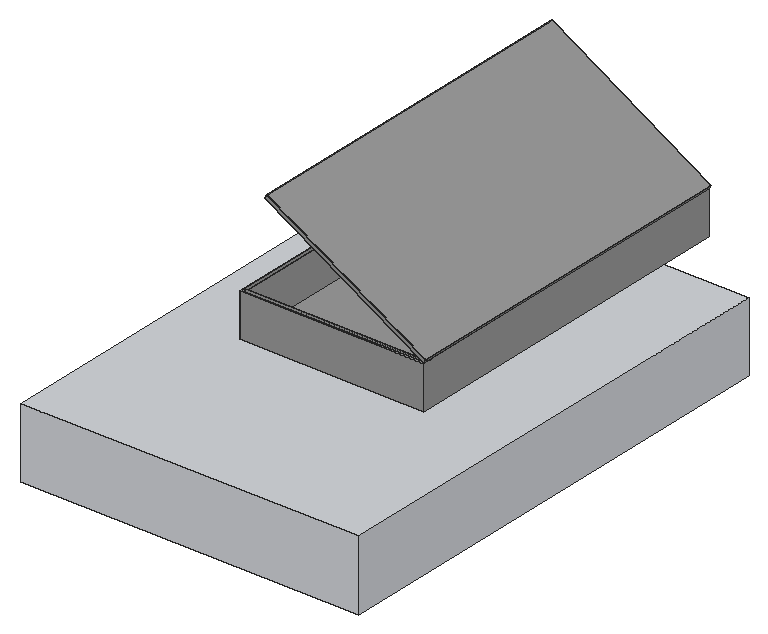
Revit family "Hager-Univers-IP44-D205-H1550-Cl.II-Encl-AT-de", category Equipement électrique, Revit 2020
Family settings
  Hôte = Face
  Configuration du panneau = Deux colonnes, circuits au sein
  Cote de connecteur circulaire = Utiliser le diamètre
  Type d'élément = Tableau de raccordement
  Couper avec des vides une fois chargée = Non
  Partagée = Non
  Point de calcul de pièce = Non
Parameters (values of type "Aufputz IP44 B800 H1550 T205  - FP03SN2")
  Width Control [instance] = if([EF000008 - Breite] > Min Width, [EF000008 - Breite], Min Width)  # 800 mm
  Commentaires du type = [HG000003 - Bereich]  # "Univers"
  Thickness Door [instance] = if([EF009171 - Materialstärke Tür/Deckel] > 3 mm, 3 mm, [EF009171 - Materialstärke Tür/Deckel])  # 1 mm
  Seal Frame Offset [instance] = 17 mm  # constant formula
  Plinth Visibility [instance] = [HG000027 - Sockelhöhe] > 0 mm  # no
  Model = ""
  Min Width [instance] = 100 mm  # constant formula
  Min Height [instance] = 100 mm  # constant formula
  Min Depth [instance] = (2 * [EF009170 - Materialstärke Gehäuse]) + 1 mm  # 3 mm
  Internal Frame Depth [instance] = (Door System Depth * 0.5)  # 9 mm
  Height Control [instance] = if([EF000040 - Höhe] > Min Height, [EF000040 - Höhe], Min Height)  # 1550 mm
  HG000027 - Sockelhöhe = 0 mm
  HG000026 - Stehend auf dem Boden = no
  HG000024 - Höhe des unteren Teils = 800 mm
  HG000023 - Gehäuse mit doppeltem Querschnitt = no
  HG000016 - 3D-Türsichtbarkeit [instance] = yes
  HG000015 - Sichtbarkeit der Türöffnung [instance] = no
  HG000014 - Tür rechts [instance] = yes
  HG000013 - Tür links [instance] = not([HG000014 - Tür rechts])  # no
  HG000012 - Türschwenkwinkel [instance] = 30.00°
  HG000010 - Asymmetrische Türen = no
  HG000009 - Doppelflügeligen Tür = no
  HG000006 - Unterputz = no
  HG000004 - Herstellerreferenz = "FP03SN2"
  HG000003 - Bereich = "Univers"
  HG000002 - Mit tür = yes
  Frame Offset Bottom [instance] = 10 mm  # constant formula
  Frame Offset [instance] = 15 mm  # constant formula
  EF015940 - Deckel mit Überdruckentlastung = no
  EF011959 - Schutzart (NEMA) = ""
  EF009554 - Anzahl der Öffnungen für Flanschplatten = 6
  Fabricant = "Hager"  # constant formula
  EF009212 - Ausführung Deckel = "EV000116 - geschlossen"
  EF009171 - Materialstärke Tür/Deckel = 1 mm
  EF009170 - Materialstärke Gehäuse = 1 mm
  EF008873 - Nennstrom (In) = 250 A
  EF007800 - Geeignet für Blitzschutz = no
  EF006306 - Mit Schloss = no
  EF006244 - Transparenter Deckel/Tür = no
  EF005474 - Schutzart (IP) = "EV006418 - IP44"
  EF004464 - Art der Tür = "EV002646 - Einzel"
  EF004427 - Anzahl der Module = 360
  EF004293 - Schlagfestigkeit = "EV006815 - IK09"
  EF003532 - Geeignet für Außengebrauch = no
  EF002950 - Breite in Teilungseinheiten = 36
  EF001613 - Funktionserhalt = "EV000494 - ohne"
  EF001596 - Werkstoff des Gehäuses = "EV000179 - Stahl"
  EF001131 - Innentiefe = 143 mm
  EF001088 - Anbaumöglichkeit = yes
  EF000437 - Anzahl der Leitungseinführungen = 6
  EF000339 - Art der Abdeckung = "EV001012 - Deckel"
  EF000266 - Anzahl der Reihen = 10
  EF000218 - Einbautiefe = 205 mm
  EF000118 - Mit Montageplatte = no
  EF000116 - RAL-Nummer = "9010"
  EF000049 - Tiefe = 205 mm
  EF000040 - Höhe = 1550 mm
  EF000008 - Breite = 800 mm
  EF000007 - Farbe = "EV000202 - weiß"
  EF000003 - Montageart = "EV000384 - Aufputz"
  Door System Leaf Tolerance [instance] = 1.5 mm  # constant formula
  Door System Depth [instance] = 18 mm  # constant formula
  Door Height [instance] = Height Control - [HG000027 - Sockelhöhe]  # 1550 mm
  Depth Control [instance] = if([EF000049 - Tiefe] > Min Depth, [EF000049 - Tiefe], Min Depth)  # 205 mm
  Default Elevation = 0 mm
  Connector Offset [instance] = Height Control / 2  # 775 mm
  Bottom Top Plate Trim [instance] = 1.5 mm  # constant formula
  Plinth height Ctrl [instance] = if([HG000027 - Sockelhöhe] > 0 mm, [HG000027 - Sockelhöhe], 12 mm)  # 12 mm
Types (5, lengths in mm): name | Width Control | HG000009 - Doppelflügeligen Tür | HG000004 - Herstellerreferenz | EF009554 - Anzahl der Öffnungen für Flanschplatten | EF008873 - Nennstrom (In) | EF004464 - Art der Tür | EF004427 - Anzahl der Module | EF002950 - Breite in Teilungseinheiten | EF001131 - Innentiefe | EF000437 - Anzahl der Leitungseinführungen | EF000008 - Breite
  Aufputz IP44 B1050 H1550 T205  - FP04SN2 | 1050 | yes | "FP04SN2" | 8 | 400 A | "EV003602 - Doppel" | 480 | 48 | 143 | 8 | 1050
  Aufputz IP44 B1300 H1550 T205  - FP05SN2 | 1300 | yes | "FP05SN2" | 10 | 400 A | "EV003602 - Doppel" | 600 | 60 | 143 | 10 | 1300
  Aufputz IP44 B300 H1550 T205  - FP01SN2 | 300 | no | "FP01SN2" | 2 | 250 A | "EV002646 - Einzel" | 120 | 12 | 130 | 2 | 300
  Aufputz IP44 B550 H1550 T205  - FP02SN2 | 550 | no | "FP02SN2" | 4 | 250 A | "EV002646 - Einzel" | 240 | 24 | 143 | 4 | 550
  Aufputz IP44 B800 H1550 T205  - FP03SN2 | 800 | no | "FP03SN2" | 6 | 250 A | "EV002646 - Einzel" | 360 | 36 | 143 | 6 | 800
Reference planes
  plane 1 "Center (Front/Back)": y = 0
  plane 2: z = 0
  plane 3 "Center (Left/Right)": x = 0
  plane 4: z = 205
  plane 5: y = 1
  plane 6: y = 775
  plane 7: y = 0
  plane 8: y = 1550
  plane 9: z = 0
  plane 10: x = -385
  plane 11: x = 385
  plane 12: x = 384
  plane 13: x = -384
  plane 14: y = 1549
  plane 15: x = -383
  plane 16: x = -400
  plane 17: x = 383
  plane 18: x = 400
  plane 19: x = 399
  plane 20: x = -399
  plane 21: y = 11
  plane 22: y = 1550
  plane 23: y = 1534
  plane 24: z = 187
  plane 25: z = 1
  plane 26: z = 186
  plane 27: z = 204
Forms (mm)
  Extrusion 1, solid
    sketch origin (0, 0, 0) x (1, 0, 0) y (0, 1, 0)
      loop
        line (-702.964, 1305) -> (-702.964, -811.445) -> (766.763, -811.445) -> (766.763, 1305) -> (-702.964, 1305)
    from 0 to -304.8
  Extrusion 2, solid, material "Hager_Steel_RAL7035_Light_Grey", visible <- "Plinth Visibility", detail levels medium+fine
    sketch origin (0, 0, 0) x (1, 0, 0) y (0, 1, 0)
      loop
        line (-400, 0) -> (400, 0) -> (400, 12) -> (-400, 12) -> (-400, 0)
    from 0 to 187
  Extrusion 3, solid, material "Hager_Steel_RAL7035_Light_Grey", detail levels medium+fine
    sketch origin (0, 0, 0) x (1, 0, 0) y (0, 1, 0)
      loop
        line (-400, 0) -> (400, 0) -> (400, 1550) -> (-400, 1550) -> (-400, 0)
    from 0 to 187
  Extrusion 4, void
    sketch origin (0, 0, 0) x (1, 0, 0) y (0, 1, 0)
      loop
        line (-399, 1) -> (399, 1) -> (399, 1549) -> (-399, 1549) -> (-399, 1)
    from 1 to 186
  Extrusion 5, void
    sketch origin (-381.607, -4572, 187) x (0, -1, 0) y (-1, 0, 0)
      loop
        line (-4583, 2.393) -> (-6106, 2.393) -> (-6106, -765.607) -> (-4583, -765.607) -> (-4583, 2.393)
    from 0 to 1 <- "EF009170 - Materialstärke Gehäuse"
  Extrusion 6, solid, material "Hager_Steel_RAL7035_Light_Grey", detail levels fine
    sketch origin (0, 0, 187) x (1, 0, 0) y (0, 1, 0)
      loop
        line (-384, 1534) -> (-384, 11) -> (384, 11) -> (384, 1534) -> (-384, 1534)
      loop
        line (-385, 10) -> (385, 10) -> (385, 1535) -> (-385, 1535) -> (-385, 10)
    from 0 to 9 <- "Internal Frame Depth"
  Extrusion 7, solid, material "Hager_Steel_RAL7035_Light_Grey", detail levels coarse
    sketch origin (0, 0, 0) x (1, 0, 0) y (0, 1, 0)
      loop
        line (-400, 0) -> (400, 0) -> (400, 1550) -> (-400, 1550) -> (-400, 0)
    from 0 to 205
  Sweep 8, void
    path in 3D
      loop
        line (-400, 12, 0) -> (400, 12, 0) -> (400, 12, 187) -> (-400, 12, 187) -> (-400, 12, 0)
    profile origin (-400, 12, 93.5) x (-1, 0, 0) y (0, -1, 0)
      loop
        line (0, 0) -> (0, 1.5) -> (-1.5, 1.5)
        arc (-1.5, 1.5) -> (-1.061, 0.439) -> (0, 0) r 1.5
Cuts and joins
  Extrusion 4, Extrusion 5 cuts Extrusion 3
  Sweep 8 cuts Extrusion 2
Lines and regions (mm)
  Masking region 1
    outline origin (0, 0, 0) x (1, 0, 0) y (0, 0, 1)
      loop
        line (-400, 205) -> (-400, 0) -> (400, 0) -> (400, 205) -> (-400, 205)
  Masking region 2, detail levels medium+fine
    outline origin (0, 140, 0) x (0, 1, 0) y (0, 0, 1)
      loop
        line (-140, 0) -> (1410, 0) -> (1410, 187) -> (-140, 187) -> (-140, 0)
  Masking region 3, not visible, detail levels medium+fine
    outline origin (0, 297.922, 0) x (0, 1, 0) y (0, 0, 1)
      loop
        line (488.578, 0) -> (528.578, 0) -> (528.578, 194)
        arc (528.578, 194) -> (525.649, 201.071) -> (518.578, 204) r 10
        line (518.578, 204) -> (488.578, 204) -> (488.578, 0)
  Masking region 4, detail levels coarse
    outline origin (0, 0, 180) x (0, 1, 0) y (0, 0, 1)
      loop
        line (0, -180) -> (1550, -180) -> (1550, 25) -> (0, 25) -> (0, -180)
  Masking region 5, visible <- "Plinth Visibility", detail levels medium+fine
    outline origin (0, 52.24, 12.345) x (0, 0, -1) y (0, 1, 0)
      loop
        line (10.845, -40.24) -> (-173.155, -40.24)
        arc (-173.155, -40.24) -> (-173.594, -41.301) -> (-174.655, -41.74) r 1.5
        line (-174.655, -41.74) -> (-174.655, -52.24) -> (12.345, -52.24) -> (12.345, -41.74)
        arc (12.345, -41.74) -> (11.285, -41.301) -> (10.845, -40.24) r 1.5
  Masking region 6, detail levels medium+fine
    outline origin (-381.607, -4572, 187) x (-1, 0, 0) y (0, -1, 0)
      loop
        line (18.393, -6122) -> (18.393, -4572) -> (-781.607, -4572) -> (-781.607, -6122) -> (18.393, -6122)
  Masking region 7, visible <- "Plinth Visibility", detail levels medium+fine
    outline origin (-381.607, -4727, 187) x (-1, 0, 0) y (0, -1, 0)
      loop
        arc (16.893, -4739) -> (17.332, -4737.939) -> (18.393, -4737.5) r 1.5
        line (18.393, -4737.5) -> (18.393, -4727) -> (-781.607, -4727) -> (-781.607, -4737.5)
        arc (-781.607, -4737.5) -> (-780.546, -4737.939) -> (-780.107, -4739) r 1.5
        line (-780.107, -4739) -> (16.893, -4739)
  Masking region 8, detail levels coarse
    outline origin (-442.548, -4669.526, 187) x (-1, 0, 0) y (0, -1, 0)
      loop
        line (-42.548, -6219.526) -> (-42.548, -4669.526) -> (-842.548, -4669.526) -> (-842.548, -6219.526) -> (-42.548, -6219.526)
  sketch lines
    curve 1: line (-400, 12, 187) -> (-400, 12, 0)
    curve 2: line (400, 12, 187) -> (-400, 12, 187)
    curve 3: line (400, 12, 187) -> (400, 12, 0)
    curve 4: line (-400, 12, 0) -> (400, 12, 0)
Dimensions and locks
  "Depth Control": plane 4 to Extrusion 1
  "HG000027 - Sockelhöhe": plane 1 "Center (Front/Back)" to plane 7
  "EF009170 - Materialstärke Gehäuse": plane 5 to plane 7
  locked: connector elem to plane 3 "Center (Left/Right)"
  equal spacing: plane 8, plane 6, plane 7
  locked: connector elem to plane 6
  "EF009170 - Materialstärke Gehäuse": plane 8 to plane 14
  "EF009170 - Materialstärke Gehäuse": plane 10 to plane 13
  "EF009170 - Materialstärke Gehäuse": plane 12 to plane 11
  "Frame Offset": plane 20 to plane 13
  "Frame Offset": plane 12 to plane 19
  "EF009170 - Materialstärke Gehäuse": plane 16 to plane 20
  "EF009170 - Materialstärke Gehäuse": plane 19 to plane 18
  "Seal Frame Offset": plane 16 to plane 15
  "Seal Frame Offset": plane 17 to plane 18
  "Frame Offset Bottom": plane 21 to plane 5
  "Frame Offset": plane 14 to plane 23
  equal spacing: plane 16, plane 3 "Center (Left/Right)", plane 18
  "Width Control": plane 16 to plane 18
  "EF009170 - Materialstärke Gehäuse": plane 4 to plane 27
  "EF009170 - Materialstärke Gehäuse": plane 24 to plane 26
  "EF009170 - Materialstärke Gehäuse": plane 25 to level
  "Door System Depth": plane 4 to plane 24
  "Height Control": plane 1 "Center (Front/Back)" to Extrusion 7 sketch curve
  "Height Control": Masking region 4 sketch curve to plane 1 "Center (Front/Back)"
  "Height Control": plane 1 "Center (Front/Back)" to plane 22
  "Bottom Top Plate Trim": profile plane to Sweep 8 sketch curve
  "Bottom Top Plate Trim": Sweep 8 sketch curve to profile plane
  "Plinth height Ctrl": plane 1 "Center (Front/Back)" to Extrusion 2 sketch curve
  "Plinth height Ctrl": Masking region 5 sketch curve to plane 1 "Center (Front/Back)"
  "Plinth height Ctrl": plane 1 "Center (Front/Back)" to Masking region 7 sketch curve
  "Thickness Door": Extrusion 6 sketch curve to Extrusion 6 sketch curve  (x3)
  "Thickness Door": cut or joined group of Extrusion 3, Extrusion 4, Extrusion 5 to Extrusion 6 sketch curve
  radius of Masking region 3 sketch curve = 10 mm
  "Bottom Top Plate Trim": radius of Masking region 5 sketch curve  (x2)
  "Bottom Top Plate Trim": radius of Sweep 8 sketch curve
  "Bottom Top Plate Trim": radius of Masking region 7 sketch curve  (x2)
  aligned and locked: plane 2 to Extrusion 1
  aligned and locked: level to Extrusion 1
  aligned and locked: level to Masking region 1 sketch curve
  aligned and locked: Masking region 1 sketch curve to plane 18
  aligned and locked: Masking region 1 sketch curve to plane 16
  aligned and locked: plane 7 to Masking region 2 sketch curve
  aligned and locked: level to Masking region 3 sketch curve
  aligned and locked: Masking region 3 sketch curve to plane 27
  aligned and locked: level to Masking region 2 sketch curve
  aligned and locked: plane 1 "Center (Front/Back)" to Extrusion 2 sketch curve
  aligned and locked: Extrusion 3 sketch curve to plane 7
  aligned and locked: plane 16 to Extrusion 3 sketch curve
  aligned and locked: plane 18 to Extrusion 3 sketch curve
  aligned and locked: plane 20 to Extrusion 4 sketch curve
  aligned and locked: plane 19 to Extrusion 4 sketch curve
  aligned and locked: Extrusion 4 sketch curve to plane 5
  aligned and locked: Extrusion 4 to plane 25
  aligned and locked: plane 26 to Extrusion 4
  aligned and locked: plane 24 to Extrusion 3
  aligned and locked: Extrusion 5 sketch curve to plane 21
  aligned and locked: Extrusion 5 sketch curve to plane 13
  aligned and locked: Extrusion 5 sketch curve to plane 12
  aligned and locked: plane 18 to Extrusion 7 sketch curve
  aligned and locked: plane 1 "Center (Front/Back)" to Extrusion 7 sketch curve
  aligned and locked: plane 16 to Extrusion 7 sketch curve
  aligned and locked: plane 4 to Extrusion 7
  aligned and locked: Extrusion 7 to level
  aligned and locked: level to Masking region 4 sketch curve
  aligned and locked: Masking region 4 sketch curve to plane 1 "Center (Front/Back)"
  aligned and locked: Masking region 4 sketch curve to plane 4
  aligned and locked: nested 1 to level
  aligned and locked: nested 1 to plane 16
  aligned and locked: plane 8 to Extrusion 3 sketch curve
  aligned and locked: plane 23 to Extrusion 5 sketch curve
  aligned and locked: plane 14 to Extrusion 4 sketch curve
  aligned and locked: Masking region 2 sketch curve to plane 8
  aligned and locked: level to Masking region 5 sketch curve
  aligned and locked: plane 16 to Extrusion 2 sketch curve
  aligned and locked: plane 18 to Extrusion 2 sketch curve
  aligned and locked: Masking region 5 sketch curve to plane 24
  aligned and locked: Masking region 2 sketch curve to plane 24
  aligned and locked: plane 24 to Extrusion 2
  aligned and locked: profile plane to Sweep 8 sketch curve  (x2)
  aligned and locked: Masking region 6 sketch curve to plane 18
  aligned and locked: Masking region 6 sketch curve to plane 22
  aligned and locked: Masking region 6 sketch curve to plane 16
  aligned and locked: plane 8 to plane 22
  aligned and locked: Masking region 6 sketch curve to plane 7
  aligned and locked: Masking region 7 sketch curve to plane 16
  aligned and locked: Masking region 7 sketch curve to plane 1 "Center (Front/Back)"
  aligned and locked: Masking region 7 sketch curve to plane 18
  aligned and locked: Masking region 8 sketch curve to plane 1 "Center (Front/Back)"
  aligned and locked: Masking region 8 sketch curve to plane 18
  aligned and locked: Masking region 8 sketch curve to plane 22
  aligned and locked: Masking region 8 sketch curve to plane 16
  aligned and locked: nested 2 to plane 7
  aligned and locked: plane 3 "Center (Left/Right)" to nested 2
  aligned and locked: nested 2 to plane 24
  aligned and locked: Extrusion 6 sketch curve to cut or joined group of Extrusion 3, Extrusion 4, Extrusion 5  (x4)
Automatic sketch dimensions
  Extrusion 1 sketch curve to Extrusion 1 sketch curve = 1469.727 mm
  Extrusion 1 sketch curve to Extrusion 1 sketch curve = 2116.445 mm
  Masking region 1 sketch curve to plane 4 = 0 mm
  plane 6 to Masking region 3 sketch curve = 11.5 mm
  Masking region 3 sketch curve to Masking region 3 sketch curve = 30 mm
  Masking region 5 sketch curve to plane 1 "Center (Front/Back)" = 0 mm
Nested families
  nested 1: "Hager_Enclosure_Symbol" at (-400, 0, 0) x (1, 0, 0) z (0, -1, 0), Height <- "Depth Control", Width <- "Width Control", type "Hager_Enclosure_Symbol"
    with Width_Ctrl 800 mm, Width 800 mm, Height_Ctrl 205 mm, Height 205 mm, A_Width_Int 13.453 mm, A_Width 161.438 mm, A_Height_Ctrl 179.375 mm, A_Height 179.375 mm
  nested 2: "EC000058_Univers_Door" at (0, 0, 187) x (1, 0, 0) z (0, 1, 0), Leaf_Tolerance <- "Door System Leaf Tolerance", Angle <- "HG000012 - Türschwenkwinkel", Door_Depth <- "Door System Depth", Door_Left <- "HG000013 - Tür links", Transparent <- "EF006244 - Transparenter Deckel/Tür", Assymetrical <- "HG000010 - Asymmetrische Türen", Width <- "Width Control", Clearance <- "HG000015 - Sichtbarkeit der Türöffnung", Double <- "HG000009 - Doppelflügeligen Tür", 3d_Door <- "HG000016 - 3D-Türsichtbarkeit", Lock_Visibility <- "EF006306 - Mit Schloss", Width_Ctrl <- "Width Control", Door_Right <- "HG000014 - Tür rechts", Door <- "HG000002 - Mit tür", Height <- "Door Height", Thickness <- "Thickness Door", type "EC000058_Univers_Door", detail levels medium+fine
    with min_wh 3 mm, Width_Ctrl 800 mm, Width 800 mm, Transparent no, Thickness 1 mm, Seal_Material Hager_Rubber, Lock_Visibility no, Lock_Material Hager_Plastic_RAL9005_Jet_Black, Leaf_Width 800 mm, Leaf_Tolerance_External_Sides 0 mm, Leaf_Tolerance 1.5 mm, Leaf_Offset 0 mm, Leaf_Height 1547 mm, Leaf_2_Width 800 mm, Leaf_2_Offset 400 mm, Leaf_1_Width 800 mm, Leaf_1_Offset 400 mm, Height_Ctrl 1550 mm, Height 1550 mm, Glass_Material Hager_Glass, Double_Clearance_Ctrl no, Double no, Door_Right_Ctrl yes, Door_Right yes, Door_Material Hager_Steel_RAL7035_Light_Grey, Door_Left_Ctrl no, Door_Left no, Door_Depth 18 mm, Door yes, Clearance_Material Hager_Clearance, Clearance_Depth 800 mm, Clearance_Ctrl no, Clearance no, Assymetrical no, Angle 30.00°, 3d_Door yes
Connectors
  electrical at (0, 775, 0)
    settings: on plane 9, index 1, voltage 0 V, apparent load 0 VA, apparent load phase1 0 VA, apparent load phase2 0 VA, apparent load phase3 0 VA, power factor 1, load classification "Other", number of poles 1, system type 30, power factor state 1, is connector primary yes, connector utility no, sub classification motor no, connector description ""
Definition of nested family "EC000058_Univers_Door"
  Parameters (values of type "EC000058_Univers_Door")
    min_wh [instance] = (2 * Thickness) + 1 mm  # 11 mm
    Width_Ctrl [instance] = 400 mm
    Width [instance] = 500 mm
    Transparent [instance] = yes
    Thickness [instance] = 5 mm
    Seal_Material [instance] = none
    Lock_Visibility [instance] = yes
    Lock_Material [instance] = none
    Leaf_Width [instance] = if((Width_Ctrl - 2 * Leaf_Tolerance_External_Sides) > 0 mm, (Width_Ctrl - 2 * Leaf_Tolerance_External_Sides), min_wh)  # 400 mm
    Leaf_Tolerance_External_Sides [instance] = 0 mm  # constant formula
    Leaf_Tolerance [instance] = 1.5 mm
    Leaf_Offset [instance] = 0 mm  # constant formula
    Leaf_Height [instance] = if((Height_Ctrl - 2 * Leaf_Tolerance) > 0 mm, (Height_Ctrl - 2 * Leaf_Tolerance), min_wh)  # 497 mm
    Leaf_2_Width [instance] = if(and(and(Double, Assymetrical), Door_Left), (Leaf_Width / 3) - (Leaf_Tolerance / 2), if(and(and(Double, Assymetrical), Door_Right), (Leaf_Width / 3) * 2 - (Leaf_Tolerance / 2), if(and(Double, not(Assymetrical)), (Leaf_Width / 2) - Leaf_Tolerance, Leaf_Width)))  # 400 mm
    Leaf_2_Offset [instance] = if(and(Double, Assymetrical), Leaf_2_Width / 2, if(and(Double, not(Assymetrical)), Leaf_Width / 4, Leaf_Width / 2))  # 200 mm
    Leaf_1_Width [instance] = if(and(and(Double, Assymetrical), Door_Right), (Leaf_Width / 3) - (Leaf_Tolerance / 2), if(and(and(Double, Assymetrical), Door_Left), (Width / 3) * 2 - (Leaf_Tolerance / 2), if(and(Double, not(Assymetrical)), (Leaf_Width / 2) - Leaf_Tolerance, Leaf_Width)))  # 400 mm
    Leaf_1_Offset [instance] = if(and(Double, Assymetrical), Leaf_1_Width / 2, if(and(Double, not(Assymetrical)), Leaf_Width / 4, Leaf_Width / 2))  # 200 mm
    Height_Ctrl [instance] = if(Height > min_wh, Height, min_wh)  # 500 mm
    Height [instance] = 500 mm
    Glass_Material [instance] = none
    Double_Clearance_Ctrl [instance] = and(Double, Clearance)  # no
    Double [instance] = no
    Door_Right_Ctrl [instance] = and(or(Door_Right, Double), Door)  # yes
    Door_Right [instance] = yes
    Door_Material [instance] = none
    Door_Left_Ctrl [instance] = and(or(Door_Left, Double), Door)  # no
    Door_Left [instance] = no
    Door_Depth [instance] = 30 mm
    Door [instance] = yes
    Default Elevation = 1219.2 mm
    Clearance_Material [instance] = none
    Clearance_Depth [instance] = if(Leaf_1_Width > Leaf_2_Width, Leaf_1_Width, Leaf_2_Width)  # 400 mm
    Clearance_Ctrl [instance] = and(not(Double), Clearance)  # yes
    Clearance [instance] = yes
    Assymetrical [instance] = yes
    Angle [instance] = 30.00°
    3d_Door [instance] = yes
  Reference planes
    plane 1 "Center (Front/Back)": y = 0
    plane 2 "Bottom": z = 0
    plane 3 "Center (Left/Right)": x = 0
    plane 4: z = 500
    plane 5: x = -200
    plane 6: x = 200
    plane 7: z = 500
    plane 8: x = -200
    plane 9: z = 0
    plane 10: x = 200
    plane 11: y = 0
    plane 12: z = 1.5
    plane 13: x = -600
    plane 14: y = -400
    plane 15: x = 600
    plane 16: x = 0
    plane 17: x = 0
    plane 18: x = -200
    plane 19: x = 200
    plane 20: z = 498.5
  Forms (mm)
    Extrusion 1, solid, material <- "Clearance_Material", visible <- "Double_Clearance_Ctrl"
      sketch origin (1200, 0, 0) x (1, 0, 0) y (0, 0, -1)
        loop
          line (-1800, -498.5) -> (-600, -498.5) -> (-600, 0) -> (-1800, 0) -> (-1800, -498.5)
      from 0 to -400
  Dimensions and locks
    equal spacing: plane 5, plane 3 "Center (Left/Right)", plane 6
    "Width_Ctrl": plane 5 to plane 6
    "Leaf_Offset": plane 5 to plane 8
    "Leaf_Offset": plane 6 to plane 10
    "Leaf_Offset": plane 9 to level
    "Leaf_Offset": plane 4 to plane 7
    "Height_Ctrl": plane 4 to level
    "Leaf_Tolerance": plane 12 to plane 9
    locked: plane 11 to plane 1 "Center (Front/Back)"
    "Leaf_1_Offset": plane 18 to plane 16
    "Leaf_2_Offset": plane 17 to plane 19
    "Leaf_1_Width": plane 13 to plane 8
    "Leaf_2_Width": plane 10 to plane 15
    "Clearance_Depth": plane 14 to plane 1 "Center (Front/Back)"
    "Leaf_Tolerance_External_Sides": plane 8 to plane 18
    "Leaf_Tolerance_External_Sides": plane 19 to plane 10
    "Leaf_Tolerance": plane 7 to plane 20
    aligned and locked: level to plane 2 "Bottom"
    aligned and locked: nested 1 to plane 16
    aligned and locked: nested 2 to plane 17
    aligned and locked: Extrusion 1 to plane 13
    aligned and locked: plane 15 to Extrusion 1
    aligned and locked: Extrusion 1 to plane 14
    aligned and locked: plane 12 to nested 1
    aligned and locked: nested 2 to plane 12
    aligned and locked: Extrusion 1 to plane 11
    aligned and locked: plane 20 to Extrusion 1
    aligned and locked: nested 2 to plane 11
    aligned and locked: nested 1 to plane 11
  Automatic sketch dimensions
    Extrusion 1 sketch curve to level = 0 mm
    plane 5 to Extrusion 1 sketch curve = 400 mm
    plane 6 to Extrusion 1 sketch curve = 400 mm
    Extrusion 1 sketch curve to plane 4 = 1.5 mm
  Nested families
    nested 1: "EC000058_Univers_Door_Leaf" at (0, 0, 1.5), Width <- "Leaf_1_Width", visible <- "Door_Left_Ctrl", Leaf_Height <- "Leaf_Height", Angle <- "Angle", 3d_Door <- "3d_Door", Transparent <- "Transparent", Clearance Material <- "Clearance_Material", Clearance <- "Clearance_Ctrl", Door_Material <- "Door_Material", Glass_Material <- "Glass_Material", Door_Depth <- "Door_Depth", Lock_Material <- "Lock_Material", Seal_Material <- "Seal_Material", Lock_Visibility <- "Lock_Visibility", Thickness <- "Thickness", type "EC000058_Univers_Door_Leaf"
      with Width 400 mm, Transparent_Glass_Offset 30 mm, Transparent_Ctrl yes, Transparent yes, Thickness 5 mm, Standard no, Seal_Material none, Seal_D2 8 mm, Seal_D1 1 mm, Offset_Internal_Frame 10 mm, Lock_Width 20 mm, Lock_Visibility_3d yes, Lock_Visibility yes, Lock_Thickness_3 3 mm, Lock_Thickness_2 1 mm, Lock_Thickness_1 3 mm, Lock_Radius_Offset_2 16 mm, Lock_Radius_Offset_1 15 mm, Lock_Radius_2 5 mm, Lock_Radius 6 mm, Lock_Offset 5 mm, Lock_Material none, Lock_Height 80 mm, Lock_Cover_Top_Offset_2d 17 mm, Lock_Cover_Height -65 mm, Leaf_Height 497 mm, Internal_Seal_Thickness 8 mm, Internal_Seal_Depth_2 4.5 mm, Internal_Frame_Depth 25 mm, Glass_Thickness -1 mm, Glass_Offset -2 mm, Glass_Material none, Door_Material none, Door_Depth 30 mm, Clearance Material none, Clearance yes, Angle_Ctrl 30.00°, Angle 30.00°, 3d_Door yes
    nested 2: "EC000058_Univers_Door_Leaf" at (0, 0, 1.5) x (-1, 0, 0) z (0, 0, 1), Width <- "Leaf_2_Width", visible <- "Door_Right_Ctrl", Leaf_Height <- "Leaf_Height", Angle <- "Angle", 3d_Door <- "3d_Door", Transparent <- "Transparent", Clearance Material <- "Clearance_Material", Clearance <- "Clearance_Ctrl", Door_Material <- "Door_Material", Glass_Material <- "Glass_Material", Door_Depth <- "Door_Depth", Lock_Material <- "Lock_Material", Seal_Material <- "Seal_Material", Lock_Visibility <- "Lock_Visibility", Thickness <- "Thickness", type "EC000058_Univers_Door_Leaf"
      with Width 400 mm, Transparent_Glass_Offset 30 mm, Transparent_Ctrl yes, Transparent yes, Thickness 5 mm, Standard no, Seal_Material none, Seal_D2 8 mm, Seal_D1 1 mm, Offset_Internal_Frame 10 mm, Lock_Width 20 mm, Lock_Visibility_3d yes, Lock_Visibility yes, Lock_Thickness_3 3 mm, Lock_Thickness_2 1 mm, Lock_Thickness_1 3 mm, Lock_Radius_Offset_2 16 mm, Lock_Radius_Offset_1 15 mm, Lock_Radius_2 5 mm, Lock_Radius 6 mm, Lock_Offset 5 mm, Lock_Material none, Lock_Height 80 mm, Lock_Cover_Top_Offset_2d 17 mm, Lock_Cover_Height -65 mm, Leaf_Height 497 mm, Internal_Seal_Thickness 8 mm, Internal_Seal_Depth_2 4.5 mm, Internal_Frame_Depth 25 mm, Glass_Thickness -1 mm, Glass_Offset -2 mm, Glass_Material none, Door_Material none, Door_Depth 30 mm, Clearance Material none, Clearance yes, Angle_Ctrl 30.00°, Angle 30.00°, 3d_Door yes
  Definition of nested family "EC000058_Univers_Door_Leaf"
    Parameters (values of type "EC000058_Univers_Door_Leaf")
      Width [instance] = 2000 mm
      Transparent_Glass_Offset [instance] = 30 mm
      Transparent_Ctrl [instance] = and(Transparent, [3d_Door])  # yes
      Transparent [instance] = yes
      Thickness [instance] = 5 mm
      Standard [instance] = and(not(Transparent), [3d_Door])  # no
      Seal_Material [instance] = none
      Seal_D2 [instance] = 8 mm  # constant formula
      Seal_D1 [instance] = 1 mm  # constant formula
      Offset_Internal_Frame [instance] = 10 mm  # constant formula
      Lock_Width [instance] = 20 mm  # constant formula
      Lock_Visibility_3d [instance] = and(Lock_Visibility, [3d_Door])  # yes
      Lock_Visibility [instance] = yes
      Lock_Thickness_3 [instance] = 3 mm  # constant formula
      Lock_Thickness_2 [instance] = 1 mm  # constant formula
      Lock_Thickness_1 [instance] = 3 mm  # constant formula
      Lock_Radius_Offset_2 [instance] = Lock_Radius_Offset_1 + 1 mm  # 16 mm
      Lock_Radius_Offset_1 [instance] = 15 mm  # constant formula
      Lock_Radius_2 [instance] = Lock_Radius - 1 mm  # 5 mm
      Lock_Radius [instance] = 6 mm  # constant formula
      Lock_Offset [instance] = 5 mm  # constant formula
      Lock_Material [instance] = none
      Lock_Height [instance] = 80 mm  # constant formula
      Lock_Cover_Top_Offset_2d [instance] = Lock_Radius_Offset_2 + 1 mm  # 17 mm
      Lock_Cover_Height [instance] = -(Lock_Height - Lock_Radius_Offset_1)  # -65 mm
      Leaf_Height [instance] = 2720.336 mm
      Internal_Seal_Thickness [instance] = 8 mm  # constant formula
      Internal_Seal_Depth_2 [instance] = 4.5 mm  # constant formula
      Internal_Frame_Depth [instance] = if(Door_Depth - Thickness > 5 mm, Door_Depth - Thickness, 5 mm)  # 25 mm
      Glass_Thickness [instance] = if(Thickness > 15 mm, Glass_Offset + 10 mm, -1 mm)  # -1 mm
      Glass_Offset [instance] = if(Thickness > 15 mm, -(Thickness + 10 mm) / 2, -2 mm)  # -2 mm
      Glass_Material [instance] = none
      Door_Material [instance] = none
      Door_Depth [instance] = 30 mm
      Default Elevation = 0 mm
      Clearance Material [instance] = none
      Clearance [instance] = yes
      Angle_Ctrl [instance] = if(Angle > 180.00°, 180.00°, Angle)  # 90.00°
      Angle [instance] = 90.00°
      3d_Door [instance] = yes
    Reference planes
      plane 1 "Center (Front/Back)": y = 0
      plane 2: z = 0
      plane 3 "Center (Left/Right)": x = 0
      plane 4: y = 2000
      plane 5: x = -1000
      plane 6: x = 1000
      plane 7: x = -3000
      plane 8: z = 2720.336
      plane 9: z = 30
      plane 10: z = 2690.336
      plane 11: x = 970
      plane 12: x = -970
      plane 13: y = -3
      plane 14: z = 107.833
      plane 15: y = -5
      plane 16: y = -223.314
      plane 17: x = -1000
      plane 18: z = 1360.168
      plane 19: y = 30
    Forms (mm)
      Extrusion 1, solid, material <- "Clearance Material", visible <- "Clearance"
        sketch origin (0, 0, 0) x (1, 0, 0) y (0, 0, 1)
          loop
            line (-3000, 2720.336) -> (-3000, 0) -> (1000, 0) -> (1000, 2720.336) -> (-3000, 2720.336)
        from 0 to -2000
      Extrusion 2, solid, material <- "Door_Material", visible <- "Standard", detail levels medium+fine
        sketch origin (-1000, 0, 0) x (0, 1, 0) y (-1, 0, 0)
          loop
            line (0, 30) -> (0, 25) -> (2000, 25) -> (2000, 30) -> (0, 30)
        from 0 to 2720.336 <- "Leaf_Height"
      Extrusion 3, solid, material <- "Door_Material", visible <- "Transparent_Ctrl", detail levels medium+fine
        sketch origin (-1000, 0, 0) x (0, 1, 0) y (-1, 0, 0)
          loop
            line (0, 25) -> (2000, 25) -> (2000, 30) -> (0, 30) -> (0, 25)
        from 0 to 2720.336 <- "Leaf_Height"
      Extrusion 4, void
        sketch origin (-1025, 2000, 0) x (0, 1, 0) y (0, 0, -1)
          loop
            line (-30, -2690.336) -> (-30, -30) -> (-1970, -30) -> (-1970, -2690.336) -> (-30, -2690.336)
        from 0 to 5 <- "Thickness"
      Sweep 5, solid, material <- "Seal_Material", visible <- "Transparent_Ctrl", detail levels fine
        path in 3D
          loop
            line (-1025, 30, 30) -> (-1025, 30, 2690.336) -> (-1025, 1970, 2690.336) -> (-1025, 1970, 30) -> (-1025, 30, 30)
        profile origin (-1025, 1000, 30) x (1, 0, 0) y (0, 0, 1)
          loop
            line (0, 0) -> (0, -8) -> (1, -8) -> (1, 0) -> (0, 0)
      Extrusion 6, solid, material <- "Glass_Material", visible <- "Transparent_Ctrl", detail levels medium+fine
        sketch origin (-1030, 0, 0) x (0, 1, 0) y (0, 0, -1)
          loop
            line (1970, -2690.336) -> (1970, -30) -> (30, -30) -> (30, -2690.336) -> (1970, -2690.336)
        from -2 <- "Glass_Offset" to -1 <- "Glass_Thickness"
      Extrusion 7, solid, material <- "Door_Material", visible <- "3d_Door", detail levels medium+fine
        sketch origin (-1025, 2000, 0) x (0, -1, 0) y (0, 0, -1)
          loop
            line (0, -2720.336) -> (2000, -2720.336) -> (2000, 0) -> (0, 0) -> (0, -2720.336)
          loop
            line (1995, -5) -> (5, -5) -> (5, -2715.336) -> (1995, -2715.336) -> (1995, -5)
        from 0 to 25 <- "Internal_Frame_Depth"
      Sweep 8, solid, material <- "Seal_Material", visible <- "Transparent_Ctrl", detail levels fine
        path in 3D
          loop
            line (-1025, 0, 0) -> (-1025, 2000, 0) -> (-1025, 2000, 2720.336) -> (-1025, 0, 2720.336) -> (-1025, 0, 0)
        profile origin (-1025, 0, 1360.168) x (1, 0, 0) y (0, 1, 0)
          loop
            line (0, 10) -> (2.975, 10)
            arc (2.975, 10) -> (4.053, 10.447) -> (4.5, 11.525) r 1.525
            line (4.5, 11.525) -> (4.5, 16.527)
            arc (4.5, 16.527) -> (4.069, 17.569) -> (3.027, 18) r 1.473
            line (3.027, 18) -> (0, 18) -> (0, 10)
      Extrusion 9, solid, material <- "Lock_Material", visible <- "Lock_Visibility_3d", detail levels fine
        sketch origin (-1030, 0, 0) x (0, 1, 0) y (0, 0, -1)
          loop
            arc (1993.5, -1400.168) -> (1994.561, -1399.729) -> (1995, -1398.668) r 1.5
            line (1995, -1398.668) -> (1995, -1320.168) -> (1975, -1320.168) -> (1975, -1398.668)
            arc (1975, -1398.668) -> (1975.439, -1399.729) -> (1976.5, -1400.168) r 1.5
            line (1976.5, -1400.168) -> (1993.5, -1400.168)
        from 3 <- "Lock_Thickness_1" to 0
      Blend 10, solid, material <- "Lock_Material", visible <- "Lock_Visibility_3d", detail levels fine
        base sketch origin (-1033, 0, 0) x (0, 1, 0) y (0, 0, -1)
          loop
            line (1975, -1320.168) -> (1975, -1398.668)
            arc (1975, -1398.668) -> (1975.439, -1399.729) -> (1976.5, -1400.168) r 1.5
            line (1976.5, -1400.168) -> (1993.5, -1400.168)
            arc (1993.5, -1400.168) -> (1994.561, -1399.729) -> (1995, -1398.668) r 1.5
            line (1995, -1398.668) -> (1995, -1320.168) -> (1975, -1320.168)
        top sketch origin (-1033, 0, 0) x (0, 1, 0) y (0, 0, -1)
          loop
            line (1976, -1320.168) -> (1976, -1398.668)
            arc (1976, -1398.668) -> (1976.146, -1399.022) -> (1976.5, -1399.168) r 0.5
            line (1976.5, -1399.168) -> (1993.5, -1399.168)
            arc (1993.5, -1399.168) -> (1993.854, -1399.022) -> (1994, -1398.668) r 0.5
            line (1994, -1398.668) -> (1994, -1320.168) -> (1976, -1320.168)
        from 0 to 1 <- "Lock_Thickness_2"
      Blend 11, solid, material <- "Lock_Material", visible <- "Lock_Visibility_3d", detail levels fine
        base sketch origin (-1034, 0, 0) x (0, 1, 0) y (0, 0, -1)
          loop
            line (1978, -1320.168) -> (1978, -1384.168)
            arc (1978, -1384.168) -> (1985, -1391.168) -> (1992, -1384.168) r 7
            line (1992, -1384.168) -> (1992, -1320.168) -> (1978, -1320.168)
        top sketch origin (-1034, 0, 0) x (0, 1, 0) y (0, 0, -1)
          loop
            line (1991, -1320.168) -> (1979, -1320.168) -> (1979, -1383.168)
            arc (1979, -1383.168) -> (1985, -1389.168) -> (1991, -1383.168) r 6
            line (1991, -1383.168) -> (1991, -1320.168)
        from 0 to 3 <- "Lock_Thickness_3"
      Extrusion 12, solid, material <- "Lock_Material", visible <- "Lock_Visibility_3d", detail levels fine
        sketch origin (-1030, 1975, 1320.168) x (1, 0, 0) y (0, -1, 0)
          loop
            line (-7, -19) -> (-7, -1) -> (0, -1) -> (0, 0) -> (-8, 0) -> (-8, -20) -> (0, -20) -> (0, -19) -> (-7, -19)
        from 0 to -65 <- "Lock_Cover_Height"
      Extrusion 13, void
        sketch origin (-1038, 1995, 1320.168) x (-1, 0, 0) y (0, 0, -1)
          loop
            line (-5, -65) -> (0, -65) -> (-5, -60) -> (-5, -65)
        from 0 to 20 <- "Lock_Width"
      Extrusion 14, void
        sketch origin (-1038, 1975, 1320.168) x (0, -1, 0) y (0, 0, -1)
          loop
            circle (-10, -15.995) r 6
          loop
            circle (-10, -15.995) r 5
        from 0 to 2
      Extrusion 15, solid, material <- "Lock_Material", visible <- "Lock_Visibility_3d", detail levels medium
        sketch origin (-1030, 0, 0) x (0, 1, 0) y (0, 0, -1)
          loop
            arc (1993.5, -1400.168) -> (1994.561, -1399.729) -> (1995, -1398.668) r 1.5
            line (1995, -1398.668) -> (1995, -1320.168) -> (1975, -1320.168) -> (1975, -1398.668)
            arc (1975, -1398.668) -> (1975.439, -1399.729) -> (1976.5, -1400.168) r 1.5
            line (1976.5, -1400.168) -> (1993.5, -1400.168)
        from 8 to 0
    Cuts and joins
      Extrusion 4 cuts Extrusion 3
      Extrusion 13, Extrusion 14 cuts Extrusion 9
      Extrusion 14 cuts Blend 11
      Extrusion 13, Extrusion 14 cuts Extrusion 12
      joined: Extrusion 9, Blend 10, Blend 11, Extrusion 12
      Extrusion 14 cuts Extrusion 15
    Lines and regions (mm)
      Masking region 1, visible <- "Lock_Visibility", detail levels fine
        outline origin (0, 0, 0) x (0, 1, 0) y (0, 0, 1)
          loop
            line (30, 1320.168) -> (33, 1320.168) -> (33, 1400.168) -> (30, 1400.168) -> (30, 1320.168)
      Masking region 2, visible <- "Lock_Visibility", detail levels fine
        outline origin (0, 3.143, 0) x (0, 1, 0) y (0, 0, 1)
          loop
            line (29.857, 1354.168) -> (30.857, 1354.168) -> (30.857, 1366.168) -> (29.857, 1366.168) -> (29.857, 1354.168)
      Masking region 3, detail levels medium+fine
        outline origin (0, 0, 0) x (0, 1, 0) y (0, 0, 1)
          loop
            line (0, 0) -> (30, 0) -> (30, 2720.336) -> (0, 2720.336) -> (0, 0)
      Masking region 4, detail levels medium+fine
        outline origin (0, 0, 0) x (1, 0, 0) y (0, 0, 1)
          loop
            line (-1000, 2720.336) -> (-1000, 0) -> (1000, 0) -> (1000, 2720.336) -> (-1000, 2720.336)
      Masking region 5, visible <- "Lock_Visibility", detail levels fine
        outline origin (-47.116, 0, 0) x (1, 0, 0) y (0, 0, 1)
          loop
            arc (1024.616, 1399.168) -> (1023.556, 1398.729) -> (1023.116, 1397.668) r 1.5
            line (1023.116, 1397.668) -> (1023.116, 1320.168) -> (1041.116, 1320.168) -> (1041.116, 1397.668)
            arc (1041.116, 1397.668) -> (1040.677, 1398.729) -> (1039.616, 1399.168) r 1.5
            line (1039.616, 1399.168) -> (1024.616, 1399.168)
      Masking region 6, visible <- "Lock_Visibility", detail levels medium+fine
        outline origin (-25, 0, 0) x (1, 0, 0) y (0, 0, 1)
          loop
            arc (1001.5, 1400.168) -> (1000.439, 1399.729) -> (1000, 1398.668) r 1.5
            line (1000, 1398.668) -> (1000, 1320.168) -> (1020, 1320.168) -> (1020, 1398.668)
            arc (1020, 1398.668) -> (1019.561, 1399.729) -> (1018.5, 1400.168) r 1.5
            line (1018.5, 1400.168) -> (1001.5, 1400.168)
      Masking region 7, visible <- "Lock_Visibility", detail levels fine
        outline origin (-73.735, 0, 0) x (1, 0, 0) y (0, 0, 1)
          loop
            line (1051.735, 1382.168) -> (1065.735, 1382.168) -> (1065.735, 1384.168)
            arc (1065.735, 1384.168) -> (1058.735, 1391.168) -> (1051.735, 1384.168) r 7
            line (1051.735, 1384.168) -> (1051.735, 1382.168)
      Masking region 8, visible <- "Lock_Visibility", detail levels fine
        outline origin (-73.735, 0, 0) x (1, 0, 0) y (0, 0, 1)
          loop
            line (1052.735, 1382.168) -> (1064.735, 1382.168) -> (1064.735, 1383.168)
            arc (1064.735, 1383.168) -> (1058.735, 1389.168) -> (1052.735, 1383.168) r 6
            line (1052.735, 1383.168) -> (1052.735, 1382.168)
      Masking region 9, visible <- "Lock_Visibility", detail levels fine
        outline origin (-25, 0, 0) x (1, 0, 0) y (0, 0, 1)
          loop
            line (1020, 1320.168) -> (1020, 1382.168) -> (1000, 1382.168) -> (1000, 1320.168) -> (1020, 1320.168)
      Masking region 10, detail levels medium+fine
        outline origin (0, 0, 0) x (1, 0, 0) y (0, 0, 1)
          loop
            circle (985, 1335.144) r 6
      Masking region 11, detail levels fine
        outline origin (0, 0, 0) x (1, 0, 0) y (0, 0, 1)
          loop
            circle (985, 1335.144) r 5
      Masking region 12, visible <- "Lock_Visibility", detail levels fine
        outline origin (0, 12.767, 0) x (0, 1, 0) y (0, 0, 1)
          loop
            line (20.233, 1320.168) -> (21.233, 1320.168) -> (21.233, 1399.168) -> (20.233, 1400.168) -> (20.233, 1320.168)
      Masking region 13, visible <- "Lock_Visibility", detail levels fine
        outline origin (0, 13.767, -10) x (0, 1, 0) y (0, 0, 1)
          loop
            line (20.233, 1330.168) -> (23.233, 1330.168) -> (23.233, 1399.168) -> (20.233, 1402.168) -> (20.233, 1330.168)
      Masking region 14, visible <- "Lock_Visibility", detail levels fine
        outline origin (0, 12.767, -10) x (0, 1, 0) y (0, 0, 1)
          loop
            line (20.233, 1330.168) -> (25.233, 1330.168) -> (25.233, 1399.305) -> (20.233, 1394.305) -> (20.233, 1330.168)
      Masking region 15, visible <- "Lock_Visibility", detail levels medium
        outline origin (0, 0, 0) x (0, 1, 0) y (0, 0, 1)
          loop
            line (30, 1320.168) -> (38, 1320.168) -> (38, 1400.168) -> (30, 1400.168) -> (30, 1320.168)
      Masking region 16, visible <- "Lock_Visibility", detail levels fine
        outline origin (-1000, 0, 0) x (0, 1, 0) y (-1, 0, 0)
          loop
            line (1975, 30) -> (1995, 30) -> (1995, 38) -> (1975, 38) -> (1975, 30)
          loop
            line (1979, 37) -> (1976, 37) -> (1976, 34) -> (1978, 34) -> (1979, 37)
          loop
            line (1994, 37) -> (1991, 37) -> (1992, 34) -> (1994, 34) -> (1994, 37)
      Masking region 17, visible <- "Lock_Visibility", detail levels medium
        outline origin (-1000, 0, 0) x (0, 1, 0) y (-1, 0, 0)
          loop
            line (1975, 30) -> (1995, 30) -> (1995, 38) -> (1975, 38) -> (1975, 30)
      symbolic lines
        curve 1: line (1000, 0, 0) -> (-3000, 0, 0)
        curve 2: arc (1000, 0, 0) -> (-1000, 2000, 0) -> (-3000, 0, 0) r 2000
        curve 4: line (-1030, 0, 0) -> (-1030, 2000, 0)
      reference lines
        curve 3: line (-1000, 0, 0) -> (-1000, 2000, 0)
      symbolic lines, detail levels medium+fine
        curve 5: line (-1030, 2000, 0) -> (-1025, 2000, 0)
        curve 7: line (-1025, 0, 0) -> (-1030, 0, 0)
        curve 8: line (-1025, 0, 0) -> (-1000, 0, 0)
        curve 9: line (-1000, 0, 0) -> (-1000, 2000, 0)
        curve 10: line (-1000, 2000, 0) -> (-1025, 2000, 0)
      symbolic lines, detail levels fine
        curve 6: line (-1025, 2000, 0) -> (-1025, 0, 0)
      sketch lines
        curve 11: line (-1025, 0, 2720.336) -> (-1025, 0, 0)
        curve 12: line (-1025, 2000, 0) -> (-1025, 0, 0)
        curve 13: line (-1025, 2000, 2720.336) -> (-1025, 2000, 0)
        curve 14: line (-1025, 0, 2720.336) -> (-1025, 2000, 2720.336)
        curve 15: line (-1025, 1970, 30) -> (-1025, 30, 30)
        curve 16: line (-1025, 30, 30) -> (-1025, 30, 2690.336)
        curve 17: line (-1025, 1970, 2690.336) -> (-1025, 1970, 30)
        curve 18: line (-1025, 30, 2690.336) -> (-1025, 1970, 2690.336)
      symbolic lines, visible <- "Transparent", detail levels medium+fine
        curve 19: line (-970, 0, 2690.336) -> (970, 0, 2690.336)
        curve 20: line (-970, 0, 30) -> (-970, 0, 2690.336)
        curve 21: line (970, 0, 30) -> (-970, 0, 30)
        curve 22: line (970, 0, 2690.336) -> (970, 0, 30)
    Dimensions and locks
      "Width": plane 1 "Center (Front/Back)" to plane 4
      equal spacing: plane 5, plane 3 "Center (Left/Right)", plane 6
      "Width": plane 5 to plane 6
      "Width": plane 7 to plane 5
      "Leaf_Height": plane 8 to level
      "Width": curve 5 to curve 3
      "Width": curve 3 to curve 3
      plane 8 to plane 10 = 30 mm
      plane 9 to level = 30 mm
      plane 12 to plane 5 = 30 mm
      plane 6 to plane 11 = 30 mm
      Extrusion 1 to Extrusion 4 sketch curve = 30 mm
      "Transparent_Glass_Offset": curve 3 to Extrusion 4 sketch curve
      "Transparent_Glass_Offset": Extrusion 4 sketch curve to cut or joined group of Extrusion 3, Extrusion 4  (x2)
      cut or joined group of Extrusion 3, Extrusion 4 to Extrusion 6 sketch curve = 30 mm
      "Transparent_Glass_Offset": cut or joined group of Extrusion 3, Extrusion 4 to Extrusion 4 sketch curve
      "Thickness": curve 6 to curve 4
      "Thickness": Extrusion 7 sketch curve to Extrusion 7 sketch curve  (x4)
      "Door_Depth": curve 4 to curve 3
      "Offset_Internal_Frame": profile plane to Sweep 8 sketch curve
      "Internal_Seal_Thickness": Sweep 8 sketch curve to Sweep 8 sketch curve
      "Internal_Seal_Depth_2": profile plane to Sweep 8 sketch curve
      "Seal_D1": profile plane to Sweep 5 sketch curve
      "Seal_D2": profile plane to Sweep 5 sketch curve
      "Thickness": Extrusion 2 sketch curve to Extrusion 2 sketch curve
      equal spacing: Extrusion 9 sketch curve, plane 18, Extrusion 9 sketch curve  (x2)
      equal spacing: Masking region 1 sketch curve, plane 18, Masking region 1 sketch curve
      "Lock_Height": Masking region 1 sketch curve to Masking region 1 sketch curve
      "Lock_Radius": Masking region 2 sketch curve to plane 18 to Masking region 2 sketch curve
      Masking region 2 sketch curve to Masking region 1 = 1 mm
      "Door_Depth": plane 19 to plane 1 "Center (Front/Back)"
      "Lock_Thickness_1": Masking region 1 sketch curve to plane 19
      "Lock_Width": Extrusion 9 sketch curve to Extrusion 9 sketch curve
      "Lock_Height": Extrusion 9 sketch curve to Extrusion 9 sketch curve
      "Lock_Offset": cut or joined group of Extrusion 3, Extrusion 4 to Extrusion 9 sketch curve
      equal spacing: plane 8, plane 18, level
      "Lock_Radius_Offset_1": Blend 11 sketch curve to Blend 10
      locked: Blend 10 to Blend 11 sketch curve at 2  (x2)
      locked: var sketch to Blend 11 sketch curve at 1  (x2)
      "Lock_Radius_Offset_2": Blend 11 sketch curve to Blend 10
      locked: Extrusion 12 sketch curve to Extrusion 12 sketch curve at 1  (x3)
      Masking region 6 sketch curve to Masking region 6 sketch curve = 80 mm
      "Lock_Height": Masking region 6 sketch curve to Masking region 6 sketch curve
      "Lock_Width": Masking region 6 sketch curve to Masking region 6 sketch curve
      locked: Masking region 6 to Masking region 5 sketch curve at 1  (x3)
      locked: Masking region 5 to Masking region 7 sketch curve at 2  (x2)
      "Lock_Radius_Offset_1": Masking region 5 to Masking region 7 sketch curve
      "Lock_Radius_Offset_2": Masking region 5 to Masking region 8 sketch curve
      locked: Masking region 7 to Masking region 8 sketch curve at 1  (x2)
      "Lock_Cover_Top_Offset_2d": Masking region 5 to Masking region 9 sketch curve
      equal spacing: Masking region 9, Masking region 10 sketch curve, Masking region 9
      equal spacing: Masking region 9, Masking region 11 sketch curve, Masking region 9
      Extrusion 15 sketch curve to Extrusion 15 sketch curve = 80 mm
      "Lock_Width": Extrusion 15 sketch curve to Extrusion 15 sketch curve
      "Lock_Height": Extrusion 15 sketch curve to Extrusion 15 sketch curve
      equal spacing: Extrusion 15 sketch curve, plane 18, Extrusion 15 sketch curve
      "Lock_Thickness_3": Masking region 13 sketch curve to Masking region 13 sketch curve
      "Lock_Height": Masking region 12 sketch curve to Masking region 12 sketch curve
      locked: Masking region 13 sketch curve to Masking region 1 at 8
      locked: Masking region 14 sketch curve to Masking region 13 at 1
      locked: Masking region 14 sketch curve to Masking region 1 at 10.863
      "Lock_Height": Masking region 15 sketch curve to Masking region 15 sketch curve
      "Lock_Offset": Extrusion 15 sketch curve to cut or joined group of Extrusion 3, Extrusion 4
      "Lock_Offset": plane 6 to Masking region 6 sketch curve
      radius of Sweep 8 sketch curve = 1.525 mm
      radius of Sweep 8 sketch curve = 1.473 mm
      radius of Extrusion 9 sketch curve = 1.5 mm  (x2)
      "Lock_Radius": radius of Extrusion 14 sketch curve
      "Lock_Radius_2": radius of Extrusion 14 sketch curve
      "Lock_Radius": radius of Masking region 10 sketch curve
      "Lock_Radius_2": radius of Masking region 11 sketch curve
      radius of Extrusion 15 sketch curve = 1.5 mm  (x2)
      "Angle_Ctrl": angle plane 1 "Center (Front/Back)" to curve 3
      locked: Masking region 12 sketch curve to Masking region 12 sketch curve (angle 45.00°)
      locked: Masking region 13 sketch curve to Masking region 13 sketch curve (angle 45.00°)
      locked: Masking region 14 sketch curve to Masking region 14 sketch curve (angle 45.00°)
      aligned and locked: level to plane 2
      aligned and locked: Extrusion 1 to curve 1
      aligned and locked: plane 6 to Extrusion 1
      aligned and locked: Extrusion 1 to plane 1 "Center (Front/Back)"
      aligned and locked: plane 4 to Extrusion 1
      aligned and locked: plane 8 to Extrusion 1
      aligned and locked: curve 7 to Extrusion 2 sketch curve
      aligned and locked: curve 5 to Extrusion 2 sketch curve
      aligned and locked: curve 7 to Extrusion 3 sketch curve
      aligned and locked: Extrusion 3 sketch curve to curve 4
      aligned and locked: Extrusion 3 sketch curve to curve 6
      aligned and locked: Extrusion 3 sketch curve to curve 5
      aligned and locked: curve 9 to curve 3
      aligned and locked: Extrusion 7 sketch curve to cut or joined group of Extrusion 3, Extrusion 4  (x4)
      aligned and locked: plane 17 to curve 3
      aligned and locked: plane 1 "Center (Front/Back)" to curve 3
      aligned and locked: plane 17 to plane 5
      aligned and locked: Sweep 8 sketch curve to profile plane
      aligned and locked: Sweep 5 sketch curve to profile plane  (x2)
      aligned and locked: Masking region 1 to Masking region 2 sketch curve
      aligned and locked: plane 19 to Masking region 1 sketch curve
      aligned and locked: plane 1 "Center (Front/Back)" to Masking region 3 sketch curve
      aligned and locked: plane 19 to Masking region 3 sketch curve
      aligned and locked: level to Masking region 3 sketch curve
      aligned and locked: Masking region 3 sketch curve to plane 8
      aligned and locked: plane 17 to Masking region 4 sketch curve
      aligned and locked: level to Masking region 4 sketch curve
      aligned and locked: Masking region 4 sketch curve to plane 8
      aligned and locked: plane 12 to curve 20
      aligned and locked: plane 10 to curve 19
      aligned and locked: plane 11 to curve 22
      aligned and locked: curve 21 to plane 9
      aligned and locked: Extrusion 2 sketch curve to cut or joined group of Extrusion 3, Extrusion 4
      aligned and locked: Blend 10 sketch curve to Extrusion 9  (x4)
      aligned and locked: Extrusion 9 to Blend 10 sketch curve
      aligned and locked: Blend 10 to Blend 11 sketch curve
      aligned and locked: Extrusion 12 sketch curve to Blend 11
      aligned and locked: Extrusion 12 sketch curve to Extrusion 9  (x4)
      aligned and locked: Masking region 5 sketch curve to Masking region 6
      aligned and locked: Masking region 9 sketch curve to Masking region 6  (x3)
      aligned and locked: Masking region 12 sketch curve to Masking region 1
      aligned and locked: Masking region 13 sketch curve to Masking region 1
      aligned and locked: Masking region 12 to Masking region 14
      aligned and locked: Masking region 14 sketch curve to Masking region 1
      aligned and locked: Masking region 15 sketch curve to Masking region 14
      aligned and locked: Masking region 13 sketch curve to Masking region 12
      aligned and locked: Masking region 16 sketch curve to cut or joined group of Extrusion 14, Extrusion 15  (x4)
      aligned and locked: Masking region 16 sketch curve to cut or joined group of Extrusion 9, Blend 10, Blend 11, Extrusion 12, Extrusion 13, Extrusion 14  (x6)
      aligned and locked: cut or joined group of Extrusion 9, Blend 10, Blend 11, Extrusion 12, Extrusion 13, Extrusion 14 to Masking region 16 sketch curve
      aligned and locked: Masking region 17 sketch curve to cut or joined group of Extrusion 14, Extrusion 15  (x3)
      aligned and locked: Masking region 17 sketch curve to cut or joined group of Extrusion 9, Blend 10, Blend 11, Extrusion 12, Extrusion 13, Extrusion 14
      aligned and locked: Masking region 9 to Masking region 8 sketch curve
      aligned and locked: Masking region 9 to Masking region 7 sketch curve
    Automatic sketch dimensions
      plane 1 "Center (Front/Back)" to curve 2 = 0 mm
      curve 2 to plane 5 = 0 mm
      Extrusion 1 sketch curve to level = 0 mm
      Extrusion 1 sketch curve to plane 7 = 0 mm
      Extrusion 1 sketch curve to plane 6 = 0 mm
      Extrusion 1 sketch curve to plane 8 = 0 mm
      Extrusion 3 to Extrusion 6 sketch curve = 30 mm  (x4)
      Masking region 4 sketch curve to plane 6 = 0 mm
      Blend 10 sketch curve to Extrusion 9 = 1.5 mm
      Blend 10 sketch curve to Extrusion 9 = 1 mm
      Extrusion 13 sketch curve to Extrusion 12 = 0 mm  (x2)
      Extrusion 12 to Extrusion 13 sketch curve = 3 mm
      Extrusion 13 sketch curve to Extrusion 12 = 5 mm
      Extrusion 14 sketch curve to Extrusion 14 sketch curve = 0 mm  (x2)
      Extrusion 14 sketch curve to Extrusion 12 = 10 mm
      Extrusion 14 sketch curve to Extrusion 12 = 15.995 mm
      Masking region 5 sketch curve to Masking region 5 sketch curve = 1.5 mm  (x2)
      Masking region 10 sketch curve to plane 18 = 25.024 mm
      Masking region 11 sketch curve to plane 18 = 25.024 mm
      plane 19 to Masking region 14 sketch curve = 3 mm
      Masking region 16 sketch curve to Masking region 16 sketch curve = 3 mm
      curve 4 to curve 3 = 0 mm
      Blend 10 to Blend 11 sketch curve = 0 mm
      Masking region 6 sketch curve to Masking region 6 sketch curve = 1.5 mm  (x2)
      Masking region 6 sketch curve to plane 18 = 40 mm
      plane 19 to Masking region 12 sketch curve = 3 mm
      Masking region 12 sketch curve to Masking region 12 sketch curve = 1 mm
      Masking region 15 sketch curve to plane 19 = 0 mm
      Masking region 15 sketch curve to plane 18 = 40 mm
      radius of Blend 10 sketch curve to Extrusion 9 = 1 mm
Definition of nested family "Hager_Enclosure_Symbol"
  Parameters (values of type "Hager_Enclosure_Symbol")
    Width_Ctrl [instance] = if(Width > 1 mm, Width, 1 mm)  # 102.27 mm
    Width [instance] = 102.27 mm
    Height_Ctrl [instance] = if(Height > 1 mm, Height, 1 mm)  # 66.5 mm
    A_Width_Int [instance] = if(A_Width / 12 > 2 mm, A_Width / 12, 2 mm)  # 4.364 mm
    A_Width [instance] = if(A_Height_Ctrl * 0.9 > 2 mm, A_Height_Ctrl * 0.9, 2 mm)  # 52.369 mm
    A_Height_Ctrl [instance] = if(A_Height > 2 mm, A_Height, 2 mm)  # 58.188 mm
    Height [instance] = 66.5 mm
    A_Height [instance] = Height - (Height / 8)  # 58.188 mm
  Reference planes
    plane 1 "Centre (avant/arrière)": y = 0
    plane 2: z = 0
    plane 3 "Centre (gauche/droite)": x = 0
    plane 4: x = 52.369
    plane 5: y = 33.042
    plane 6: y = 41.77
    plane 7: y = 66.5
    plane 8: x = 26.184
    plane 9: y = 37.406
    plane 10: x = 102.27
    plane 11: y = 66.5
    plane 12: y = 8.313
  Lines and regions (mm)
    Filled region 1, type "Solid_Black", in view "Niveau de réf."
      outline origin (0, 0, 0) x (1, 0, 0) y (0, 1, 0)
        loop
          line (52.369, 66.5) -> (33.188, 54.536) -> (45.365, 45.006) -> (52.369, 66.5)
    Filled region 2, type "Solid_Black", in view "Niveau de réf."
      outline origin (0, 0, 0) x (1, 0, 0) y (0, 1, 0)
        loop
          line (0, 0) -> (102.27, 0) -> (102.27, 66.5) -> (0, 0)
    detail lines, in view "Niveau de réf."
      curve 1: line (0, 8.313, 0) -> (26.184, 41.77, 0)
      curve 2: line (26.184, 41.77, 0) -> (26.184, 33.042, 0)
      curve 3: line (26.184, 33.042, 0) -> (52.369, 66.5, 0)
  Dimensions and locks
    "A_Width": plane 3 "Centre (gauche/droite)" to plane 4
    equal spacing: plane 3 "Centre (gauche/droite)", plane 8, plane 4
    equal spacing: plane 6, plane 9, plane 5
    equal spacing: curve 3, Filled region 1 sketch curve, Filled region 1 sketch curve
    "Height_Ctrl": plane 1 "Centre (avant/arrière)" to plane 11
    "A_Height_Ctrl": plane 11 to plane 12
    equal spacing: plane 11, plane 9, plane 12
    "A_Width_Int": plane 6 to plane 9
    "Width_Ctrl": plane 3 "Centre (gauche/droite)" to plane 10
    angle Filled region 1 sketch curve to curve 3 = 20.00°
    angle curve 3 to Filled region 1 sketch curve = 20.00°
    locked: curve 3 to Filled region 1 sketch curve (angle 90.00°)
    aligned and locked: plane 10 to Filled region 2
    aligned and locked: plane 11 to Filled region 2 sketch curve
    aligned and locked: plane 10 to Filled region 2 sketch curve
    aligned and locked: plane 3 "Centre (gauche/droite)" to curve 1
    aligned and locked: plane 12 to curve 1
    aligned and locked: plane 7 to plane 11
  Automatic sketch dimensions
    Filled region 1 sketch curve to plane 4 = 0 mm
    Filled region 1 sketch curve to plane 7 = 0 mm
    plane 1 "Centre (avant/arrière)" to Filled region 2 sketch curve = 0 mm
    Filled region 2 sketch curve to plane 3 "Centre (gauche/droite)" = 0 mm
    curve 2 to plane 6 = 0 mm
    curve 2 to plane 8 = 0 mm
    curve 3 to plane 4 = 0 mm
    curve 2 to plane 5 = 0 mm
    curve 3 to plane 7 = 0 mm
